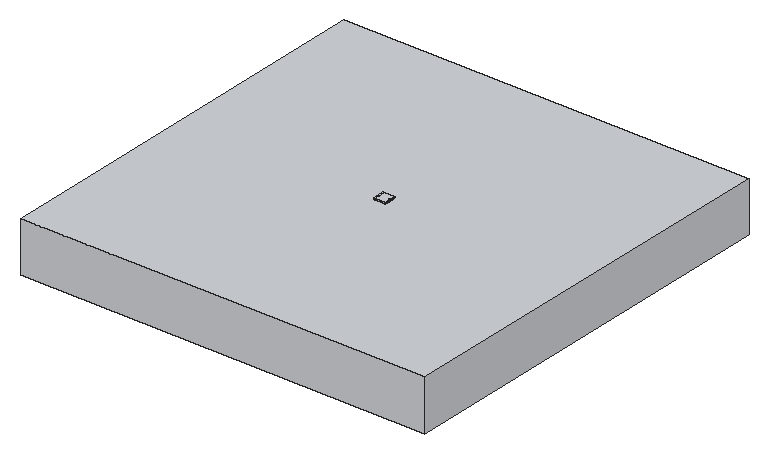
Revit family "Gira_2021112", category Elektroinstallationen, Revit 2017
Family settings
  Basisbauteil = Fläche
  Beschriftungsausrichtung beibehalten = Nein
  Bemaßung runder Anschluss = Durchmesser verwenden
  Teiletyp = Normal
  Beim Laden mit Abzugskörper schneiden = Nein
  Gemeinsam genutzt = Nein
  Raumberechnungspunkt = Nein
Parameters (values of type "KNX Tastsens.3 Basis 1f Flächenschalter Reinweiß")
  Werkstoffgüte = "Thermoplast"
  Werkstoff Text = "Kunststoff"
  Default Elevation = 1219.2 mm
  URL = "https://www.gira.de/"
  Typname = "KNX Tastsens.3 Basis 1f Flächenschalter Reinweiß"
  Type Comments = ""
  Transparent = no
  Schutzart (IP) = "IP20"
  RAL-Nummer (ähnlich) = 9010
  Produktseite = "https://media.stage.bim.site/t/eyJhbGciOiJIUzI1NiIsInR5cCI6IkpXVCJ9.eyJjdCI6MiwidHUiOiJodHRwOi8va2F0YWxvZy5naXJhLmRlL2RlX0RFL2RhdGVuYmxhdHQuaHRtbD9hcnRpa2VsbnI9MjAyMTExMiIsImNpZCI6IjMyNzdjYzIzLTgxYTktNGVlMy1hOTBhLWI0N2JiNGMwYjYxNiIsInJpZCI6ImRkN2Q3NzRmYTY0MDBiNDEyYmIzZmE5NDM4ZjRhNjMxIiwicGlkIjoiZWFjNjkzOTBiOTA4Y2E2YWM2NmM4NmQ1MDQ3NDc1NjY1M2I3Mzg0ZCIsInNpZCI6IjYzNDcwIiwidXQiOjEsImxjIjoiZGUiLCJpYXQiOjE2MDA5Mzg5NzYsImlzcyI6Imh0dHBzOi8vYXBpLmxpdmUuYmltLnNpdGUiLCJzdWIiOiJhZG1pbkBiaW1zaXRlLmRldiJ9.UH7zOPhLkOYMsAI59lqb4BQjiBSBK6jWvjFS3_pvMzs"
  Oberfläche Text = "sonstige"
  Montageart = "Unterputz"
  Model = ""
  Mit Raumthermostat = no
  Mit LED-Anzeige = yes
  Mit Infrarotsensor = no
  Mit Display = no
  Mit Diebstahl-/Demontageschutz = yes
  Mit Busankopplung = no
  Mit Beschriftungsfeld = no
  Kosten = 0
  Hersteller = "Gira"
  HeinzeBIM = "https://www.heinze.de/bim/knx-tastsens-3-basis-1f-flaechenschalter-reinweiss/eac69390b908ca6ac66c86d50474756653b7384d"
  HAN = "2021112"
  GTIN = "4010337081661"
  Farbe = "weiß"
  Datenblatt 1 = "https://media.stage.bim.site/t/eyJhbGciOiJIUzI1NiIsInR5cCI6IkpXVCJ9.eyJjdCI6MSwidGYiOiJwdWJsaWMvZ2lyYS9hZThjNTU3LzIwMjExMTIudHh0IiwiY2lkIjoiMzI3N2NjMjMtODFhOS00ZWUzLWE5MGEtYjQ3YmI0YzBiNjE2IiwicmlkIjoiZGQ3ZDc3NGZhNjQwMGI0MTJiYjNmYTk0MzhmNGE2MzEiLCJwaWQiOiJlYWM2OTM5MGI5MDhjYTZhYzY2Yzg2ZDUwNDc0NzU2NjUzYjczODRkIiwic2lkIjoiNjM0NzAiLCJ1dCI6MSwibGMiOiJkZSIsImlhdCI6MTYwMDkzODk3NiwiaXNzIjoiaHR0cHM6Ly9hcGkubGl2ZS5iaW0uc2l0ZSIsInN1YiI6ImFkbWluQGJpbXNpdGUuZGV2In0.FWKcbYaHtjLdtqzQot5Y_6qB1EnJS9xAc5NZrQNEShI/2021112.txt"
  Datenblatt = "https://media.stage.bim.site/t/eyJhbGciOiJIUzI1NiIsInR5cCI6IkpXVCJ9.eyJjdCI6MSwidHUiOiJodHRwczovL2thdGFsb2cuZ2lyYS5kZS9kZV9ERS9kb3dubG9hZC5odG1sP2FydGlrZWxucj0yMDIxMTEyIiwiY2lkIjoiMzI3N2NjMjMtODFhOS00ZWUzLWE5MGEtYjQ3YmI0YzBiNjE2IiwicmlkIjoiZGQ3ZDc3NGZhNjQwMGI0MTJiYjNmYTk0MzhmNGE2MzEiLCJwaWQiOiJlYWM2OTM5MGI5MDhjYTZhYzY2Yzg2ZDUwNDc0NzU2NjUzYjczODRkIiwic2lkIjoiNjM0NzAiLCJ1dCI6MSwibGMiOiJkZSIsImlhdCI6MTYwMDkzODk3NiwiaXNzIjoiaHR0cHM6Ly9hcGkubGl2ZS5iaW0uc2l0ZSIsInN1YiI6ImFkbWluQGJpbXNpdGUuZGV2In0.y-QdXWVM6S5DXnpY_zWEWfyzZwXaY7Lnfv80kFq_Rm4"
  Bussystem Powernet = no
  Bussystem LON = no
  Bussystem KNX-Funk = no
  Bussystem KNX = yes
  Bussystem Funkbus = no
  Beschreibung = "KNX Tastsensor 3 Basis 1fach  Reinweiß glänzend Merkmale:  Montage auf Busankoppler 3.  Demontageschutz durch Verschraubung.  Wippenfunktion: Schalten, Dimmen, Jalousie, Wertgeber 1 Byte und Szenennebenstelle.  Zwei blaue Status-LEDs je Bedienfläche.  Weiße Betriebs-LED.  Funktion der Betriebs-LED und der Status-LED parametrierbar.  Hinweise :  Professionelle Beschriftung über den Gira Beschriftungsservice www.beschriftung.gira.de."
  Assembly Code = ""
  Keynote = ""
  BIMSITE_PRODUCT_ID = "eac69390b908ca6ac66c86d50474756653b7384d"
  BIM = "https://media.stage.bim.site/t/eyJhbGciOiJIUzI1NiIsInR5cCI6IkpXVCJ9.eyJjdCI6MSwidGYiOiJwdWJsaWMvZ2lyYS9hZThjNTU3L0tOWCBUYXN0c2Vuc29yIDMgS29tZm9ydCAxZmFjaC5yZmEiLCJjaWQiOiIzMjc3Y2MyMy04MWE5LTRlZTMtYTkwYS1iNDdiYjRjMGI2MTYiLCJyaWQiOiJkZDdkNzc0ZmE2NDAwYjQxMmJiM2ZhOTQzOGY0YTYzMSIsInBpZCI6ImVhYzY5MzkwYjkwOGNhNmFjNjZjODZkNTA0NzQ3NTY2NTNiNzM4NGQiLCJzaWQiOiI2MzQ3MCIsInV0Ijo1LCJsYyI6ImRlIiwiaWF0IjoxNjAwOTM4OTc2LCJpc3MiOiJodHRwczovL2FwaS5saXZlLmJpbS5zaXRlIiwic3ViIjoiYWRtaW5AYmltc2l0ZS5kZXYifQ.KNMisBnpSSYejLMgvkv2QzhP7ViHTRnUOT9gvKEPQX8/KNX Tastsensor 3 Komfort 1fach.rfa"
  Ausführung der Oberfläche = "glänzend"
  Anzahl der Tasten = 1
  Anzahl der Betätigungspunkte = 2
  Andere Bussysteme = "ohne"
Reference planes
  plane 1 "Center (Front/Back)": y = 0
  plane 2: z = 0
  plane 3 "Center (Left/Right)": x = 0
Forms (mm)
  Extrusion 1, solid
    sketch origin (0, 0, 0) x (1, 0, 0) y (0, 1, 0)
      loop
        line (-1219.2, 1219.2) -> (-1219.2, -1219.2) -> (1219.2, -1219.2) -> (1219.2, 1219.2) -> (-1219.2, 1219.2)
    from 0 to -304.8
  Extrusion 2, solid, detail levels fine
    sketch origin (0, 0, 0) x (1, 0, 0) y (0, 0, 1)
      loop
        line (-35.204, 3.097) -> (-35.258, 0) -> (-34.021, 0) -> (-33.888, 1.9) -> (33.888, 1.9) -> (34.021, 0) -> (35.258, 0) -> (35.204, 3.097) -> (34.204, 3.884) -> (35.165, 5.362) -> (35.143, 6.6) -> (-35.143, 6.6) -> (-35.165, 5.362) -> (-34.204, 3.884) -> (-35.204, 3.097)
    from -35.386 to 35.355
  Extrusion 3, solid, detail levels fine
    sketch origin (0, 0, 0) x (1, 0, 0) y (0, 0, 1)
      loop
        line (-34.914, -3.101) -> (34.914, -3.101) -> (34.835, -1.601) -> (33.811, -1.601) -> (33.523, 1.699) -> (-33.523, 1.699) -> (-33.811, -1.601) -> (-34.835, -1.601) -> (-34.914, -3.101)
    from -35 to 34.963
  SweptBlend 4, solid, detail levels fine
    path origin (0, 0, 0) x (0, 1, 0) y (0, 0, 1)
      loop
        line (0, -4.751) -> (0, -3.101)
    profile origin (0, 0, -4.751) x (0, -1, 0) y (1, 0, 0)
      loop
        line (-33.684, -33.637) -> (33.649, -33.637) -> (33.649, 33.637) -> (-33.684, 33.637) -> (-33.684, -33.637)
    end profile origin (0, 0, -3.101) x (0, -1, 0) y (1, 0, 0)
      loop
        line (33.94, -33.987) -> (33.94, 33.987) -> (-34.035, 33.987) -> (-34.035, -33.987) -> (33.94, -33.987)
  Extrusion 5, solid, detail levels fine
    sketch origin (0, 0, 0) x (1, 0, 0) y (0, 1, 0)
      loop
        line (-23.957, 19.167) -> (-23.957, 7.073) -> (-25.607, 7.073) -> (-25.607, -7.04) -> (-23.957, -7.04) -> (-23.957, -19.133)
        arc (-23.957, -19.133) -> (-22.549, -22.532) -> (-19.15, -23.94) r 4.807
        line (-19.15, -23.94) -> (19.15, -23.94)
        arc (19.15, -23.94) -> (22.549, -22.532) -> (23.957, -19.133) r 4.807
        line (23.957, -19.133) -> (23.957, -7.04) -> (25.607, -7.04) -> (25.607, 7.073) -> (23.957, 7.073) -> (23.957, 19.167)
        arc (23.957, 19.167) -> (22.549, 22.565) -> (19.15, 23.973) r 4.807
        line (19.15, 23.973) -> (-19.15, 23.973)
        arc (-19.15, 23.973) -> (-22.549, 22.565) -> (-23.957, 19.167) r 4.807
      loop
        line (-23.8, 6.217) -> (-24.95, 6.217) -> (-24.95, -6.183) -> (-23.843, -6.183) -> (-17.1, -3.181) -> (-17.1, 3.214) -> (-23.8, 6.217)
      loop
        line (23.843, 6.217) -> (17.1, 3.214) -> (17.1, -3.181) -> (23.8, -6.183) -> (24.95, -6.183) -> (24.95, 6.217) -> (23.843, 6.217)
    from -4.501 to -7.001
  Extrusion 6, solid, detail levels fine
    sketch origin (0, 0, 0) x (1, 0, 0) y (0, 1, 0)
      loop
        line (18.766, 1.305) -> (18.766, -1.275) -> (21, -2.565) -> (23.234, -1.275) -> (23.234, 1.305) -> (21, 2.595) -> (18.766, 1.305)
      loop
        line (-23.234, 1.305) -> (-23.234, -1.275) -> (-21, -2.565) -> (-18.766, -1.275) -> (-18.766, 1.305) -> (-21, 2.595) -> (-23.234, 1.305)
    from -5.101 to -7.001
  Extrusion 7, solid, detail levels fine
    sketch origin (0, 0, 0) x (1, 0, 0) y (0, 1, 0)
      loop
        line (-6.603, -21.281) -> (-6.603, -15.981) -> (6.603, -15.981) -> (6.603, -21.281) -> (7.397, -21.281) -> (7.397, -15.186) -> (-7.397, -15.186) -> (-7.397, -21.281) -> (-6.603, -21.281)
    from -7.301 to -10.401
  Extrusion 8, solid, detail levels fine
    sketch origin (0, 0, 0) x (1, 0, 0) y (0, 1, 0)
      loop
        line (-8.504, -14.749) -> (-8.504, -22.758) -> (8.504, -22.758) -> (8.504, -14.749) -> (-8.504, -14.749)
      loop
        circle (-5.08, -17.483) r 0.5
      loop
        circle (-2.54, -17.483) r 0.5
      loop
        circle (0, -17.483) r 0.5
      loop
        circle (2.54, -17.483) r 0.5
      loop
        circle (5.08, -17.483) r 0.5
      loop
        circle (5.08, -20.023) r 0.5
      loop
        circle (2.54, -20.023) r 0.5
      loop
        circle (0, -20.023) r 0.5
      loop
        circle (-2.54, -20.023) r 0.5
      loop
        circle (-5.08, -20.023) r 0.5
    from -6.527 to -7.301
  Extrusion 9, solid, detail levels fine
    sketch origin (0, 0, 0) x (1, 0, 0) y (0, 1, 0)
      loop
        line (-6.603, -18.141) -> (-6.603, -15.981) -> (-0.888, -15.981) -> (-0.888, -15.186) -> (-7.397, -15.186) -> (-7.397, -18.141) -> (-6.603, -18.141)
      loop
        line (6.603, -18.141) -> (7.397, -18.141) -> (7.397, -15.186) -> (0.888, -15.186) -> (0.888, -15.981) -> (6.603, -15.981) -> (6.603, -18.141)
    from -10.401 to -15.001
  Extrusion 10, solid, detail levels fine
    sketch origin (0, 0, 0) x (1, 0, 0) y (0, 1, 0)
      loop
        line (-14.008, -23.94) -> (-14.008, -25.541) -> (-12.361, -25.541) -> (-12.361, -24.233) -> (-9.639, -24.233) -> (-9.639, -25.541) -> (-7.992, -25.541) -> (-7.992, -23.94) -> (-14.008, -23.94)
    from -4.501 to -6.101
  Extrusion 11, solid, detail levels fine
    sketch origin (0, 0, 0) x (-1, 0, 0) y (0, -1, 0)
      loop
        line (-14.008, 23.94) -> (-7.992, 23.94) -> (-7.992, 25.541) -> (-9.639, 25.541) -> (-9.639, 24.233) -> (-12.361, 24.233) -> (-12.361, 25.541) -> (-14.008, 25.541) -> (-14.008, 23.94)
    from -4.501 to -6.101
  Extrusion 12, solid, detail levels fine
    sketch origin (0, 0, 0) x (-1, 0, 0) y (0, -1, 0)
      loop
        line (-14.008, -23.867) -> (-14.008, -25.574) -> (-12.361, -25.574) -> (-12.361, -24.233) -> (-9.639, -24.233) -> (-9.639, -25.574) -> (-7.992, -25.574) -> (-7.992, -23.867) -> (-14.008, -23.867)
    from -4.501 to -6.101
  Extrusion 13, solid, detail levels fine
    sketch origin (0, 0, 0) x (1, 0, 0) y (0, 1, 0)
      loop
        line (-14.008, 23.867) -> (-7.992, 23.867) -> (-7.992, 25.574) -> (-9.639, 25.574) -> (-9.639, 24.233) -> (-12.361, 24.233) -> (-12.361, 25.574) -> (-14.008, 25.574) -> (-14.008, 23.867)
    from -4.501 to -6.101
  Revolve 14, solid, detail levels fine
    sketch origin (0, 0, 0) x (1, 0, 0) y (0, 0, 1)
      loop
        line (-29, 7) -> (-30.327, 6) -> (-28, 6) -> (-28, 7) -> (-29, 7)
      axis (-28, 7) -> (-28, 6)
    angle from 0 to 360
  Revolve 15, solid, detail levels fine
    sketch origin (0, 0, 0) x (-1, 0, 0) y (0, 0, 1)
      loop
        line (-29, 7) -> (-30.327, 6) -> (-28, 6) -> (-28, 7) -> (-29, 7)
      axis (-28, 7) -> (-28, 6)
    angle from 0 to 360
  Extrusion 16, solid, detail levels coarse
    sketch origin (0, 0, 0) x (1, 0, 0) y (0, 1, 0)
      loop
        line (35.258, 35.386) -> (-35.258, 35.386) -> (-35.258, -35.355) -> (35.258, -35.355) -> (35.258, 35.386)
    from -15.001 to 7
  Extrusion 17, solid, detail levels medium
    sketch origin (0, 0, 0) x (1, 0, 0) y (0, 1, 0)
      loop
        line (35.258, 35.386) -> (-35.258, 35.386) -> (-35.258, -35.355) -> (35.258, -35.355) -> (35.258, 35.386)
    from 0 to 7
  Extrusion 18, solid, detail levels medium
    sketch origin (0, 0, 0) x (1, 0, 0) y (0, 1, 0)
      loop
        line (-34.914, 35.017) -> (-34.914, -34.994) -> (34.914, -34.994) -> (34.914, 35.017) -> (-34.914, 35.017)
    from 0 to -4.754
  Extrusion 19, solid, detail levels medium
    sketch origin (0, 0, 0) x (1, 0, 0) y (0, 1, 0)
      loop
        line (-23.957, 23.973) -> (-23.957, -23.94) -> (23.957, -23.94) -> (23.957, 23.973) -> (-23.957, 23.973)
    from -7.001 to -4.751
  Extrusion 20, solid, detail levels medium
    sketch origin (0, 0, 0) x (1, 0, 0) y (0, 1, 0)
      loop
        line (-7.397, -15.186) -> (-7.397, -21.281) -> (7.397, -21.281) -> (7.397, -15.186) -> (-7.397, -15.186)
    from -15.001 to 0
Lines and regions (mm)
  reference lines
    curve 1: line (0, 35.386, 0) -> (0, -35.355, 0)
Dimensions and locks
  aligned and locked: plane 2 to Extrusion 1
  aligned and locked: level to Extrusion 1
Connectors
  electrical at (0, -18.753, -7.301)
    settings: on Extrusion 8, index 1, voltage 220 V, apparent load 0 VA, apparent load phase1 0 VA, apparent load phase2 0 VA, apparent load phase3 0 VA, power factor 1, load classification "Other", number of poles 1, system type 31, power factor state 1, is connector primary yes, connector utility no, sub classification motor no, connector description ""
